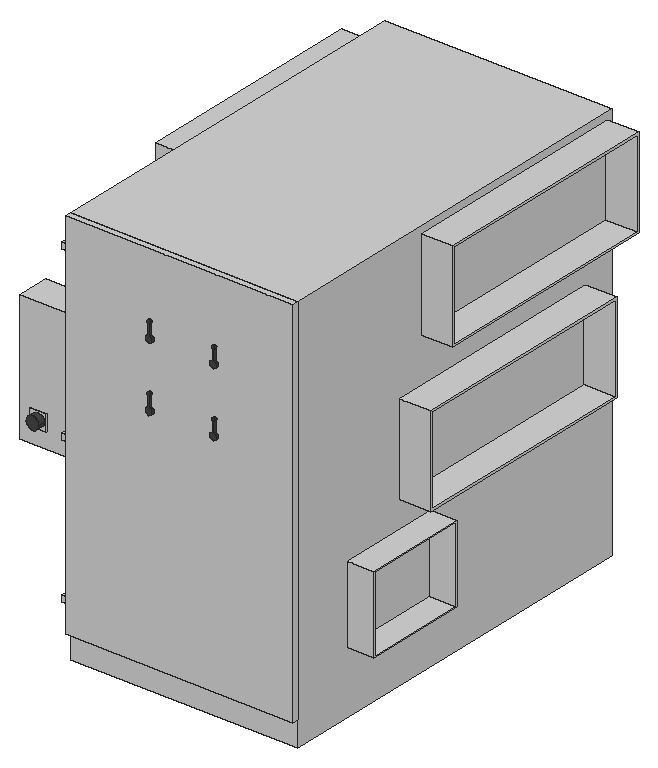
Revit family "Ventilator-RenewAire-Energy-Recovery-HE3XINV-Bypass", category Mechanical Equipment, Revit 2015
Parameters (values of type "2.0 HP 120V Single Phase")
  Voltage = "120"
  Ventilation Type = "Static Plate, Heat and Humidity Transfer"
  Unit Width = "61-1/2\""
  Unit Weight = "624-999 lbs."
  Unit Length = "50-3/4\""
  Unit Height = "62\""
  Unit = Metal - RenewAire - Anodized - Gray Text
  URL = "www.renewaire.com"
  Typical Airflow Range = "750-3,300 CFM"
  Standard Features = "TEFC Premium efficiency motors, Motor starters, Non-Fused Disconnect, 24VAC Transformer/Relay Package"
  Shipping Weight = "1094 lbs."
  Service Area Visibility = no
  Service Area Box = Interference - RenewAire - Smooth - Light - Gold
  Revit Object Download Link = ""
  Phase = "Single"
  Options = "Integrated programmable controls, Fused disconnect, Double wall construction, Factory supplied and mounted variable frequency drives (VFDs) – one or both airstreams, Class 1 low leakage motorized isolation dampers – OA, RA or both airstreams, Qty. 2 Factory mounted filter alarms, Exterior Paint - white, custom colors, Bypass economizer (see bypass DIM drawing) – dry bulb temperature controls (standard), enthalpy controls (option)"
  Number Motors = "Qty. 2, Belt drive blower/standard motor packages with adjustable sheaves"
  Model = "HE 3XINV-Bypass"
  Minimum Circuit Amps = "45.0 A"
  Maximum Overcurrent Protection = "60 A"
  Max. Shipping Width = "90\""
  Max. Shipping Length = "60\""
  Max. Shipping Height = "70\""
  Manufacturer = "RenewAire LLC"
  Frequency = "60 HZ"
  FLA per Motor = "20.0"
  Description = "Energy Recovery Ventilator"
  Connector Base Material = Glass - With - Transparency
  Accessories = "Filters - MERV 13, 2\" (shipped loose),Roof curb - standard 14\", Curb wind clip, Engineered combo curb for Carrier RTU, Engineered combo curb for Trane RTU, Digital time clock - wall mount(TC7D-W), in exterior enclosure (TC7D-E), Motion occupancy control - ceiling mount(MC-C), wall mount(MC-W), Carbon dioxide control - wall mount (CO2-W), duct mount(CO2-D), Electric duct heater – EK series (1-60 kW), EH series (61-175kW), Indirect gas-fired duct furnace - GH Series (50-400 MBH), installed downstream of any fans"
  AHRI 1060 Certified Core = "Three L125-G5"
Types (13): name | Voltage | Phase | Minimum Circuit Amps | Maximum Overcurrent Protection | FLA per Motor
  (no name) | "120" | "Single" | "45.0 A" | "60 A" | "20.0"
  2.0 HP 120V Single Phase | "120" | "Single" | "45.0 A" | "60 A" | "20.0"
  2.0 HP 208-230V Single Phase | "208-230" | "Single" | "24.3 A" | "35 A" | "10.8-10.0"
  2.0 HP 208-230V Three Phase | "208-230" | "Three" | "14.9 A" | "20 A" | "6.6-5.8"
  2.0 HP 460V Three Phase | "460" | "Three" | "6.5 A" | "15 A" | "2.9"
  2.0 HP 575V Three Phase | "575" | "Three" | "5.4 A" | "15 A" | "2.4"
  3.0 HP 208-230V Single Phase | "208-230" | "Single" | "33.1 A" | "40 A" | "14.7-14"
  3.0 HP 208-230V Three Phase | "208-230" | "Three" | "21.1 A" | "25 A" | "9.4-8.5"
  3.0 HP 460V Three Phase | "460" | "Three" | "9.5 A" | "15 A" | "4.2"
  3.0 HP 575V Three Phase | "575" | "Three" | "7.4 A" | "15 A" | "3.3"
  5.0 HP 208-230V Three Phase | "208-230" | "Three" | "32.6 A" | "45 A" | "14.5-13.4"
  5.0 HP 460V Three Phase | "460" | "Three" | "15.1 A" | "20 A" | "6.7"
  5.0 HP 575V Three Phase | "575" | "Three" | "11.9 A" | "15 A" | "5.3"
Reference planes (in)
  plane 1 "Center (Front/Back)": y = 0
  plane 2: z = 0
  plane 3 "Center (Left/Right)": x = 0
Forms (in)
  Extrusion 1, solid, material "Metal - RenewAire - Anodized - Gray Text" <- "Unit"
    sketch origin (0, 0, 0) x (1, 0, 0) y (0, 0, 1)
      loop
        line (-18.0625, 0) -> (17.0625, 0) -> (17.0625, 62) -> (-18.0625, 62) -> (-18.0625, 0)
    from 30.125 to -30.625
  Extrusion 2, solid, material "Metal - RenewAire - Anodized - Gray Text"
    sketch origin (0, 0, 0) x (1, 0, 0) y (0, 0, 1)
      loop
        line (-18.0625, 62) -> (-18.0625, 4) -> (17.0625, 4) -> (17.0625, 62) -> (-18.0625, 62)
    from 31.125 to 30.125
  Extrusion 3, solid, material "Metal - RenewAire - Anodized - Gray Text"
    sketch origin (10.5, 0, 8.125) x (1, 0, 0) y (0, 0, 1)
      loop
        line (-28.5625, 37.5) -> (-38.875, 37.5) -> (-38.875, 17.5) -> (-28.5625, 17.5) -> (-28.5625, 37.5)
    from 27.125 to 22.125
  Extrusion 4, solid, material "Metal - RenewAire - Anodized - Gray Text"
    sketch origin (10.5, 0, 8.125) x (1, 0, 0) y (0, 0, 1)
      loop
        line (-37.25, 22.5) -> (-37.25, 20) -> (-34.75, 20) -> (-34.75, 22.5) -> (-37.25, 22.5)
    from 27.25 to 27.125
  Extrusion 5, solid, material "MonitorPorts"
    sketch origin (10.5, 0, 8.125) x (1, 0, 0) y (0, 0, 1)
      loop
        circle (-36, 21.25) r 1
    from 28.25 to 27.125
  Extrusion 6, solid, material "Metal - RenewAire - Anodized - Gray Text" <- "Unit"
    sketch origin (0, -3, 5.25) x (0, 1, 0) y (0, 0, 1)
      loop
        line (-1.625, 16.625) -> (-17.625, 16.625) -> (-17.625, 4.625) -> (-1.625, 4.625) -> (-1.625, 16.625)
      loop
        line (-1.75, 16.5) -> (-17.5, 16.5) -> (-17.5, 4.75) -> (-1.75, 4.75) -> (-1.75, 16.5)
    from 21.3125 to 17.0625
  Extrusion 7, solid, material "Metal - RenewAire - Anodized - Gray Text"
    sketch origin (0, -0.5, 21.5) x (0, 1, 0) y (0, 0, 1)
      loop
        line (30.125, 39.5) -> (-5.875, 39.5) -> (-5.875, 25.5) -> (30.125, 25.5) -> (30.125, 39.5)
      loop
        line (29.875, 39.25) -> (-5.625, 39.25) -> (-5.625, 25.75) -> (29.875, 25.75) -> (29.875, 39.25)
    from 22.0625 to 17.0625
  Extrusion 8, solid, material "Metal - RenewAire - Anodized - Gray Text"
    sketch origin (0, 0, 5.625) x (0, 1, 0) y (0, 0, 1)
      loop
        line (-20.625, 4.25) -> (-4.625, 4.25) -> (-4.625, 16.25) -> (-20.625, 16.25) -> (-20.625, 4.25)
      loop
        line (-4.75, 16.125) -> (-20.5, 16.125) -> (-20.5, 4.375) -> (-4.75, 4.375) -> (-4.75, 16.125)
    from -18.0625 to -22.3125
  Extrusion 9, solid, material "Metal - RenewAire - Anodized - Gray Text"
    sketch origin (0, -0.5, 24.875) x (0, 1, 0) y (0, 0, 1)
      loop
        line (29, 35.125) -> (-7, 35.125) -> (-7, 21.125) -> (29, 21.125) -> (29, 35.125)
      loop
        line (28.75, 34.875) -> (-6.75, 34.875) -> (-6.75, 21.375) -> (28.75, 21.375) -> (28.75, 34.875)
    from -18.0625 to -23.0625
  Extrusion 10, solid, material "Interference - RenewAire - Smooth - Light - Gold" <- "Service Area Box", visible <- "Service Area Visibility"
    sketch origin (0, 0, 0) x (1, 0, 0) y (0, 0, 1)
      loop
        line (17.0625, 62) -> (-28.375, 62) -> (-28.375, 0) -> (17.0625, 0) -> (17.0625, 62)
    from 65.125 to 31.125
  Extrusion 11, solid, material "Metal - RenewAire - Anodized - Gray Text"
    sketch origin (0, 0, 0) x (1, 0, 0) y (0, 1, 0)
      loop
        line (-18.0625, -30.875) -> (-18.0625, -27.875) -> (-18.8125, -27.875) -> (-18.8125, -30.875) -> (-18.0625, -30.875)
    from 9 to 8
  Extrusion 12, solid, material "Metal - RenewAire - Anodized - Gray Text"
    sketch origin (0, 0, 0) x (1, 0, 0) y (0, 1, 0)
      loop
        line (-18.0625, -30.875) -> (-18.0625, -27.875) -> (-18.8125, -27.875) -> (-18.8125, -30.875) -> (-18.0625, -30.875)
    from 58 to 57
  Extrusion 13, solid, material "Metal - RenewAire - Anodized - Gray Text"
    sketch origin (0, 0, 0) x (1, 0, 0) y (0, 1, 0)
      loop
        line (-18.0625, -30.875) -> (-18.0625, -27.875) -> (-18.8125, -27.875) -> (-18.8125, -30.875) -> (-18.0625, -30.875)
    from 30.5 to 31.5
  Extrusion 14, solid, material "Metal - RenewAire - Anodized - Gray Text"
    sketch origin (0, 0, 0) x (0, 1, 0) y (0, 0, 1)
      loop
        line (-10.625, 40) -> (-10.625, 26) -> (25.375, 26) -> (25.375, 40) -> (-10.625, 40)
      loop
        line (-10.375, 39.75) -> (-10.375, 26.25) -> (25.125, 26.25) -> (25.125, 39.75) -> (-10.375, 39.75)
    from 22.0625 to 17.0625
Dimensions and locks (in)
  aligned and locked: level to plane 2
Nested families (in)
  nested 1: "Monitoring Port" at (-5, -31.125, 52.222) x (-1, 0, 0) z (0, 0, -1), type "Monitoring Port"
  nested 2: "Monitoring Port" at (5, -31.125, 52.222) x (-1, 0, 0) z (0, 0, -1), type "Monitoring Port"
  nested 3: "Monitoring Port" at (-5, -31.125, 42.222) x (-1, 0, 0) z (0, 0, -1), type "Monitoring Port"
  nested 4: "Monitoring Port" at (5, -31.125, 42.222) x (-1, 0, 0) z (0, 0, -1), type "Monitoring Port"
Connectors (in)
  hvac at (17.0625, 11.625, 54)
    settings: on Extrusion 7, index 1, duct flow 0 CFM, flow factor 0, pres drop 0.00 in-wg, loss coef 0, conn angle 0.00°, conn width 36", conn height 14", conn diameter 24", duct sys type 4, conn prof type 1, flow config 0, flow direction 1, loss method 0, conn ref index -1, conn util no, is conn primary yes, conn desc "OA (Outside Air)"
  hvac at (17.0625, -12.625, 15.875)
    settings: on Extrusion 6, index 2, duct flow 0 CFM, flow factor 0, pres drop 0.00 in-wg, loss coef 0, conn angle 0.00°, conn width 16", conn height 12", conn diameter 24", duct sys type 3, conn prof type 1, flow config 0, flow direction 2, loss method 0, conn ref index -1, conn util no, is conn primary no, conn desc "EA (Exhaust Air)"
  hvac at (-18.0625, 10.5, 53)
    settings: on Extrusion 9, index 4, duct flow 0 CFM, flow factor 0, pres drop 0.00 in-wg, loss coef 0, conn angle 0.00°, conn width 36", conn height 14", conn diameter 24", duct sys type 2, conn prof type 1, flow config 0, flow direction 1, loss method 0, conn ref index -1, conn util no, is conn primary no, conn desc "RA (Return Air)"
  hvac at (-18.0625, -12.625, 15.875)
    settings: on Extrusion 8, index 5, duct flow 0 CFM, flow factor 0, pres drop 0.00 in-wg, loss coef 0, conn angle 0.00°, conn width 16", conn height 12", conn diameter 24", duct sys type 1, conn prof type 1, flow config 0, flow direction 2, loss method 0, conn ref index -1, conn util no, is conn primary no, conn desc "FA (Fresh Air)"
  hvac at (17.0625, 7.375, 33)
    settings: on Extrusion 14, index 6, duct flow 0 CFM, flow factor 0, pres drop 0.00 in-wg, loss coef 0, conn angle 0.00°, conn width 36", conn height 14", conn diameter 24", duct sys type 2, conn prof type 1, flow config 0, flow direction 1, loss method 0, conn ref index -1, conn util no, is conn primary no, conn desc "BP (Bypass)"
Definition of nested family "Monitoring Port"
  Parameters
    URL = "www.renewaire.com"
    Revit Object Download Link = ""
    Model = ""
    Manufacturer = "RenewAire LLC"
    Description = "Monitoring Ports"
  Reference planes (in)
    plane 1 "Center (Front/Back)": y = 0
    plane 2: z = 0
    plane 3 "Center (Left/Right)": x = 0
  Forms (in)
    Extrusion 1, solid
      sketch origin (-9.43348, 0, 37.76669) x (-1, 0, 0) y (0, 0, -1)
        loop
          line (-9.53348, 35.65895) -> (-9.94097, 35.42369) -> (-9.94097, 34.83769) -> (-9.43348, 34.54469) -> (-8.92599, 34.83769) -> (-8.92599, 35.42369) -> (-9.33348, 35.65895) -> (-9.33348, 37.28756)
          arc (-9.33348, 37.28756) -> (-9.43348, 37.76669) -> (-9.53348, 37.28756) r 0.25
          line (-9.53348, 37.28756) -> (-9.53348, 35.65895)
      from 0 to 0.25
  Dimensions and locks (in)
    aligned and locked: level to plane 2
